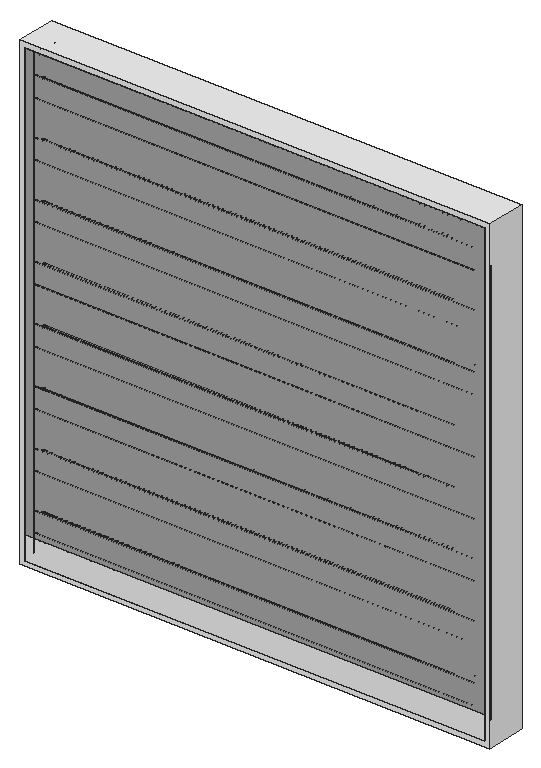
Revit family
Parameters (values of type "Louver_Drnable-Hd_EFJ-437-HP_All-Lite")
  URL = "http://www.alllite-louvers.com"
  Specifications = "http://www.alllite-louvers.com/catalog/AEFJ-437-HP-csi-specification.doc"
  Spacing = 0.5 ft
  SmartBIM Object Version = 3  # constant formula
  SmartBIM Object Created By = "Reed Construction Data"  # constant formula
  Shim Thickness = 0.042 ft
  Screen Width = Width - (2 * Shim Thickness)  # 3.916 ft
  Screen Height = Height - (2 * Shim Thickness) - 0.198333 ft  # 3.717667 ft
  Screen = Aluminum
  Rough Width = 0.0 ft
  Rough Height = 0.0 ft
  Product URL = "http://www.alllite-louvers.com/catalog.php?model=EFJ-437-HP"
  Pressure Loss (in.wg.) = "0.14"  # constant formula
  OmniClass Title = "Exterior Louvers and Grilles"  # constant formula
  OmniClass Code = "23-60 11 17"  # constant formula
  Model Number = "EFJ-437-HP"  # constant formula
  Minimum Size = "4.5\" x 7\""
  Maximum Size - Single Section = "60\" x 120\" or 120\" x 60\""
  Maximum Size - Multiple Section = "Unlimited"
  Louver Height = Height - (2 * Shim Thickness) - 0.145833 ft  # 3.770167 ft
  Manufacturer = "All-Lite"  # constant formula
  Louver Width = Width - (2 * Shim Thickness) - 2 * 0.072917 ft  # 3.770167 ft
  Louver = Mill finish, 6063-T5 Extruded Aluminum
  Installation = "http://www.alllite-louvers.com/catalog/Installation.pdf"
  Height = 4.0 ft
  Free Area for 48”x48” Louver = "56.3%"
  Free Area Velocity (fpm) = "912"  # constant formula
  Free Area (ft²) for 48"x48" Louver = 9.0 ft
  Frame = Mill finish, 6063-T5 Extruded Aluminum
  Default Sill Height = 3.0 ft
  Wall Closure = (empty or 0)
  Width = 4.0 ft
  Cut Sheet = "http://www.alllite-louvers.com/catalog/AEFJ437HP.pdf"
  Assembly Code = "B2010300"
  Air Volume Delivered (cfm) = "8,220"  # constant formula
  95 CSI = "10200 "  # constant formula
  04 CSI = "08 91 00"  # constant formula
  # of Louvers = (Height - 0.25 ft) / (Spacing)  # 8
Reference planes (ft)
  plane 1 "Center (Front/Back)": y = 0
  plane 2: z = 0.291667
  plane 3 "Center (Left/Right)": x = 0
  plane 4 "Left": x = -2
  plane 5 "Right": x = 2
  plane 6 "Sill": z = 3.291667
  plane 7 "Top": z = 7.291667
  plane 8: x = -1.958
  plane 9: x = 1.958
  plane 10: z = 7.249667
  plane 11: z = 3.333667
  plane 12: z = 5.291667
  plane 13: z = 3.417
  plane 14: z = 3.458667
  plane 15: z = 7.166333
  plane 16: z = 7.124667
  plane 17: z = 7.062167
Forms (ft)
  Sweep 1, solid, material "Mill finish, 6063-T5 Extruded Aluminum" <- "Frame"
    path origin (-5, 0.333333, 0) x (-1, 0, 0) y (0, 0, 1)
      loop
        line (-3.114917, 7.249667) -> (-6.885083, 7.249667)
    profile "Head Horizontal Mullion : Head Horizontal Mullion" origin (0, 0.333333, 7.249667) x (0, 0, -1) y (0, 1, 0)
      loop
        line (0.083333, -0.00675) -> (0, -0.00675) -> (0, -0.333333) -> (0.0625, -0.333333) -> (0.0625, -0.325833) -> (0.00675, -0.325833) -> (0.00675, -0.28805)
        arc (0.00675, -0.28805) -> (0.007739, -0.285664) -> (0.010125, -0.284675) r 0.003375
        line (0.010125, -0.284675) -> (0.023858, -0.284675)
        arc (0.023858, -0.284675) -> (0.025719, -0.285234) -> (0.026963, -0.286726) r 0.003375
        arc (0.026963, -0.286726) -> (0.037191, -0.294906) -> (0.049657, -0.29089) r 0.013833
        arc (0.049657, -0.29089) -> (0.05033, -0.287228) -> (0.047225, -0.285175) r 0.003375
        arc (0.047225, -0.285175) -> (0.045903, -0.285445) -> (0.044793, -0.28621) r 0.003375
        arc (0.044793, -0.28621) -> (0.032604, -0.2813) -> (0.044793, -0.27639) r 0.007083
        arc (0.044793, -0.27639) -> (0.045903, -0.277156) -> (0.047225, -0.277425) r 0.003375
        arc (0.047225, -0.277425) -> (0.05033, -0.275372) -> (0.049657, -0.27171) r 0.003375
        arc (0.049657, -0.27171) -> (0.037191, -0.267694) -> (0.026963, -0.275874) r 0.013833
        arc (0.026963, -0.275874) -> (0.025719, -0.277366) -> (0.023858, -0.277925) r 0.003375
        line (0.023858, -0.277925) -> (0.010125, -0.277925)
        arc (0.010125, -0.277925) -> (0.007739, -0.276937) -> (0.00675, -0.27455) r 0.003375
        line (0.00675, -0.27455) -> (0.00675, -0.09525) -> (0.032942, -0.09525)
        arc (0.032942, -0.09525) -> (0.035328, -0.096239) -> (0.036317, -0.098625) r 0.003375
        line (0.036317, -0.098625) -> (0.036317, -0.104254)
        arc (0.036317, -0.104254) -> (0.035758, -0.106115) -> (0.034266, -0.107359) r 0.003375
        arc (0.034266, -0.107359) -> (0.026085, -0.117587) -> (0.030102, -0.130053) r 0.013833
        arc (0.030102, -0.130053) -> (0.033763, -0.130726) -> (0.035817, -0.127621) r 0.003375
        arc (0.035817, -0.127621) -> (0.035547, -0.126299) -> (0.034781, -0.125188) r 0.003375
        arc (0.034781, -0.125188) -> (0.039692, -0.113) -> (0.044602, -0.125188) r 0.007083
        arc (0.044602, -0.125188) -> (0.043836, -0.126299) -> (0.043567, -0.127621) r 0.003375
        arc (0.043567, -0.127621) -> (0.04562, -0.130726) -> (0.049281, -0.130053) r 0.003375
        arc (0.049281, -0.130053) -> (0.053298, -0.117587) -> (0.045118, -0.107359) r 0.013833
        arc (0.045118, -0.107359) -> (0.043626, -0.106115) -> (0.043067, -0.104254) r 0.003375
        line (0.043067, -0.104254) -> (0.043067, -0.098625)
        arc (0.043067, -0.098625) -> (0.044055, -0.096239) -> (0.046442, -0.09525) r 0.003375
        line (0.046442, -0.09525) -> (0.06925, -0.09525) -> (0.06925, -0.0885) -> (0.076255, -0.0885)
        arc (0.076255, -0.0885) -> (0.078641, -0.089489) -> (0.07963, -0.091875) r 0.003375
        line (0.07963, -0.091875) -> (0.07963, -0.104254)
        arc (0.07963, -0.104254) -> (0.079071, -0.106115) -> (0.077579, -0.107359) r 0.003375
        arc (0.077579, -0.107359) -> (0.069399, -0.117587) -> (0.073415, -0.130053) r 0.013833
        arc (0.073415, -0.130053) -> (0.077077, -0.130726) -> (0.07913, -0.127621) r 0.003375
        arc (0.07913, -0.127621) -> (0.07886, -0.126299) -> (0.078094, -0.125188) r 0.003375
        arc (0.078094, -0.125188) -> (0.083005, -0.113) -> (0.087915, -0.125188) r 0.007083
        arc (0.087915, -0.125188) -> (0.087149, -0.126299) -> (0.08688, -0.127621) r 0.003375
        arc (0.08688, -0.127621) -> (0.088933, -0.130726) -> (0.092594, -0.130053) r 0.003375
        arc (0.092594, -0.130053) -> (0.096611, -0.117587) -> (0.088431, -0.107359) r 0.013833
        arc (0.088431, -0.107359) -> (0.086939, -0.106115) -> (0.08638, -0.104254) r 0.003375
        line (0.08638, -0.104254) -> (0.08638, -0.091875)
        arc (0.08638, -0.091875) -> (0.087368, -0.089489) -> (0.089755, -0.0885) r 0.003375
        line (0.089755, -0.0885) -> (0.197625, -0.0885) -> (0.197625, -0.00675) -> (0.114292, -0.00675) -> (0.114292, -0.0135) -> (0.190875, -0.0135) -> (0.190875, -0.08175) -> (0.027583, -0.08175) -> (0.027583, -0.075) -> (0.010125, -0.075)
        arc (0.010125, -0.075) -> (0.007739, -0.074011) -> (0.00675, -0.071625) r 0.003375
        line (0.00675, -0.071625) -> (0.00675, -0.0135) -> (0.080537, -0.0135) -> (0.137486, -0.070449) -> (0.142259, -0.065676) -> (0.083333, -0.00675)
  Sweep 2, solid, material "Mill finish, 6063-T5 Extruded Aluminum" <- "Frame"
    path origin (-5, 0.333333, 0) x (-1, 0, 0) y (0, 0, 1)
      loop
        line (-6.958, 3.333667) -> (-3.042, 3.333667)
    profile "Horizontal Mullion : Horizontal Mullion" origin (0, 0.333333, 3.333667) x (0, 0, 1) y (0, 1, 0)
      loop
        line (0.076583, -0.00675) -> (0.076583, -0.333333) -> (0.00675, -0.333333) -> (0.00675, -0.298417) -> (0, -0.298417) -> (0, -0.340083) -> (0.197917, -0.340083) -> (0.197917, -0.333333) -> (0.083333, -0.333333) -> (0.083333, 0) -> (0, 0) -> (0, -0.041667) -> (0.00675, -0.041667) -> (0.00675, -0.00675) -> (0.076583, -0.00675)
  Sweep 3, solid, material "Mill finish, 6063-T5 Extruded Aluminum" <- "Frame"
    path origin (-5, 0.333333, 0) x (-1, 0, 0) y (0, 0, 1)
      loop
        line (-6.958, 3.417) -> (-6.958, 7.249667)
    profile "Vertical Mullion : Vertical Mullion" origin (1.958, 0.333333, 5.333333) x (1, 0, 0) y (0, 1, 0)
      loop
        arc (-0.053884, -0.223561) -> (-0.066167, -0.21875) -> (-0.053884, -0.213939) r 0.007083
        arc (-0.053884, -0.213939) -> (-0.049763, -0.214099) -> (-0.049603, -0.209977) r 0.002917
        arc (-0.049603, -0.209977) -> (-0.05391, -0.206915) -> (-0.059083, -0.205833) r 0.012917
        arc (-0.059083, -0.205833) -> (-0.061499, -0.204833) -> (-0.0625, -0.202417) r 0.003417
        line (-0.0625, -0.202417) -> (-0.0625, -0.092167) -> (-0.04766, -0.092167)
        arc (-0.04766, -0.092167) -> (-0.044541, -0.090145) -> (-0.045113, -0.086472) r 0.003417
        arc (-0.045113, -0.086472) -> (-0.039833, -0.074667) -> (-0.034554, -0.086472) r 0.007083
        arc (-0.034554, -0.086472) -> (-0.035126, -0.090145) -> (-0.032007, -0.092167) r 0.003417
        line (-0.032007, -0.092167) -> (0, -0.092167) -> (0, 0) -> (-0.083333, 0) -> (-0.083333, -0.00675) -> (-0.072917, -0.00675) -> (-0.072917, -0.022375) -> (-0.066167, -0.022375) -> (-0.066167, -0.010417) -> (-0.010417, -0.010417) -> (-0.010417, -0.08175) -> (-0.022628, -0.08175)
        arc (-0.022628, -0.08175) -> (-0.02563, -0.080749) -> (-0.02743, -0.078145) r 0.005
        arc (-0.02743, -0.078145) -> (-0.039833, -0.068833) -> (-0.052237, -0.078145) r 0.012917
        arc (-0.052237, -0.078145) -> (-0.054036, -0.080749) -> (-0.057038, -0.08175) r 0.005
        line (-0.057038, -0.08175) -> (-0.072917, -0.08175) -> (-0.072917, -0.333333) -> (0, -0.333333) -> (0, -0.30575) -> (-0.010417, -0.30575) -> (-0.010417, -0.322917) -> (-0.0625, -0.322917) -> (-0.0625, -0.235083)
        arc (-0.0625, -0.235083) -> (-0.061499, -0.232667) -> (-0.059083, -0.231667) r 0.003417
        arc (-0.059083, -0.231667) -> (-0.05391, -0.230585) -> (-0.049603, -0.227523) r 0.012917
        arc (-0.049603, -0.227523) -> (-0.049763, -0.223401) -> (-0.053884, -0.223561) r 0.002917
  Sweep 4, solid, material "Mill finish, 6063-T5 Extruded Aluminum" <- "Frame"
    path origin (5, 0.333333, 0) x (1, 0, 0) y (0, 0, -1)
      loop
        line (-6.958, -3.417) -> (-6.958, -7.249667)
    profile "Vertical Mullion : Vertical Mullion" origin (-1.958, 0.333333, 5.333333) x (1, 0, 0) y (0, 1, 0)
      loop
        arc (0.053884, -0.223561) -> (0.049763, -0.223401) -> (0.049603, -0.227523) r 0.002917
        arc (0.049603, -0.227523) -> (0.05391, -0.230585) -> (0.059083, -0.231667) r 0.012917
        arc (0.059083, -0.231667) -> (0.061499, -0.232667) -> (0.0625, -0.235083) r 0.003417
        line (0.0625, -0.235083) -> (0.0625, -0.322917) -> (0.010417, -0.322917) -> (0.010417, -0.30575) -> (0, -0.30575) -> (0, -0.333333) -> (0.072917, -0.333333) -> (0.072917, -0.08175) -> (0.057038, -0.08175)
        arc (0.057038, -0.08175) -> (0.054036, -0.080749) -> (0.052237, -0.078145) r 0.005
        arc (0.052237, -0.078145) -> (0.039833, -0.068833) -> (0.02743, -0.078145) r 0.012917
        arc (0.02743, -0.078145) -> (0.02563, -0.080749) -> (0.022628, -0.08175) r 0.005
        line (0.022628, -0.08175) -> (0.010417, -0.08175) -> (0.010417, -0.010417) -> (0.066167, -0.010417) -> (0.066167, -0.022375) -> (0.072917, -0.022375) -> (0.072917, -0.00675) -> (0.083333, -0.00675) -> (0.083333, 0) -> (0, 0) -> (0, -0.092167) -> (0.032007, -0.092167)
        arc (0.032007, -0.092167) -> (0.035126, -0.090145) -> (0.034554, -0.086472) r 0.003417
        arc (0.034554, -0.086472) -> (0.039833, -0.074667) -> (0.045113, -0.086472) r 0.007083
        arc (0.045113, -0.086472) -> (0.044541, -0.090145) -> (0.04766, -0.092167) r 0.003417
        line (0.04766, -0.092167) -> (0.0625, -0.092167) -> (0.0625, -0.202417)
        arc (0.0625, -0.202417) -> (0.061499, -0.204833) -> (0.059083, -0.205833) r 0.003417
        arc (0.059083, -0.205833) -> (0.05391, -0.206915) -> (0.049603, -0.209977) r 0.012917
        arc (0.049603, -0.209977) -> (0.049763, -0.214099) -> (0.053884, -0.213939) r 0.002917
        arc (0.053884, -0.213939) -> (0.066167, -0.21875) -> (0.053884, -0.223561) r 0.007083
  Sweep 5, solid, material "Mill finish, 6063-T5 Extruded Aluminum" <- "Frame"
    path origin (-5, 0.333333, 0) x (-1, 0, 0) y (0, 0, 1)
      loop
        line (-3, 7.291667) -> (-7, 7.291667) -> (-7, 3.291667) -> (-3, 3.291667) -> (-3, 7.291667)
    profile origin (-2, 0.333333, 5.291667) x (0, 1, 0) y (-1, 0, 0)
      loop
        line (0, 0) -> (-0.340083, 0) -> (-0.340083, -0.042) -> (0, -0.042) -> (0, 0)
  Extrusion 6, solid, material "Aluminum" <- "Screen"
    sketch origin (1.458333, 0, 3.416667) x (0, 0, 1) y (-1, 0, 0)
      loop
        line (0.114917, -0.499667) -> (3.833, -0.499667) -> (3.833, 3.416333) -> (0.114917, 3.416333) -> (0.114917, -0.499667)
    from 0 to 0.00675
Cuts and joins
  joined: Sweep 3, Sweep 4
Lines and regions (ft)
  Opening 1
    outline origin (-5, -0.333333, 0) x (1, 0, 0) y (0, 0, 1)
      loop
        line (3, 7.291667) -> (3, 3.291667) -> (7, 3.291667) -> (7, 7.291667) -> (3, 7.291667)
  Masking region 1, detail levels coarse+medium
    outline origin (0, 0, 0) x (1, 0, 0) y (0, 1, 0)
      loop
        line (-2, -0.00675) -> (-1.885083, -0.00675) -> (-1.885083, 0.333333) -> (-2, 0.333333) -> (-2, -0.00675)
      loop
        line (2, -0.00675) -> (2, 0.333333) -> (1.885083, 0.333333) -> (1.885083, -0.00675) -> (2, -0.00675)
  Masking region 2, detail levels fine
    outline origin (0, 0, 0) x (1, 0, 0) y (0, 1, 0)
      loop
        arc (-1.912887, 0.246861) -> (-1.913459, 0.243188) -> (-1.91034, 0.241167) r 0.003417
        line (-1.91034, 0.241167) -> (-1.8955, 0.241167) -> (-1.8955, 0.130917)
        arc (-1.8955, 0.130917) -> (-1.896501, 0.128501) -> (-1.898917, 0.1275) r 0.003417
        arc (-1.898917, 0.1275) -> (-1.90409, 0.126419) -> (-1.908397, 0.123356) r 0.012917
        arc (-1.908397, 0.123356) -> (-1.908237, 0.119234) -> (-1.904116, 0.119394) r 0.002917
        arc (-1.904116, 0.119394) -> (-1.891833, 0.114583) -> (-1.904116, 0.109773) r 0.007083
        arc (-1.904116, 0.109773) -> (-1.908237, 0.109932) -> (-1.908397, 0.105811) r 0.002917
        arc (-1.908397, 0.105811) -> (-1.90409, 0.102748) -> (-1.898917, 0.101667) r 0.012917
        arc (-1.898917, 0.101667) -> (-1.896501, 0.100666) -> (-1.8955, 0.09825) r 0.003417
        line (-1.8955, 0.09825) -> (-1.8955, 0.010417) -> (-1.947583, 0.010417) -> (-1.947583, 0.027583) -> (-1.958, 0.027583) -> (-1.958, 0) -> (-1.885083, 0) -> (-1.885083, 0.251583) -> (-1.900962, 0.251583)
        arc (-1.900962, 0.251583) -> (-1.903964, 0.252585) -> (-1.905763, 0.255188) r 0.005
        arc (-1.905763, 0.255188) -> (-1.918167, 0.2645) -> (-1.93057, 0.255188) r 0.012917
        arc (-1.93057, 0.255188) -> (-1.93237, 0.252585) -> (-1.935372, 0.251583) r 0.005
        line (-1.935372, 0.251583) -> (-1.947583, 0.251583) -> (-1.947583, 0.322917) -> (-1.891833, 0.322917) -> (-1.891833, 0.310958) -> (-1.885083, 0.310958) -> (-1.885083, 0.326583) -> (-1.874667, 0.326583) -> (-1.874667, 0.333333) -> (-1.958, 0.333333) -> (-1.958, 0.241167) -> (-1.925993, 0.241167)
        arc (-1.925993, 0.241167) -> (-1.922874, 0.243188) -> (-1.923446, 0.246861) r 0.003417
        arc (-1.923446, 0.246861) -> (-1.918167, 0.258667) -> (-1.912887, 0.246861) r 0.007083
      loop
        line (1.958, 0.333333) -> (1.874667, 0.333333) -> (1.874667, 0.326583) -> (1.885083, 0.326583) -> (1.885083, 0.310958) -> (1.891833, 0.310958) -> (1.891833, 0.322917) -> (1.947583, 0.322917) -> (1.947583, 0.251583) -> (1.935372, 0.251583)
        arc (1.935372, 0.251583) -> (1.93237, 0.252585) -> (1.93057, 0.255188) r 0.005
        arc (1.93057, 0.255188) -> (1.918167, 0.2645) -> (1.905763, 0.255188) r 0.012917
        arc (1.905763, 0.255188) -> (1.903964, 0.252585) -> (1.900962, 0.251583) r 0.005
        line (1.900962, 0.251583) -> (1.885083, 0.251583) -> (1.885083, 0) -> (1.958, 0) -> (1.958, 0.027583) -> (1.947583, 0.027583) -> (1.947583, 0.010417) -> (1.8955, 0.010417) -> (1.8955, 0.09825)
        arc (1.8955, 0.09825) -> (1.896501, 0.100666) -> (1.898917, 0.101667) r 0.003417
        arc (1.898917, 0.101667) -> (1.90409, 0.102748) -> (1.908397, 0.105811) r 0.012917
        arc (1.908397, 0.105811) -> (1.908237, 0.109932) -> (1.904116, 0.109773) r 0.002917
        arc (1.904116, 0.109773) -> (1.891833, 0.114583) -> (1.904116, 0.119394) r 0.007083
        arc (1.904116, 0.119394) -> (1.908237, 0.119234) -> (1.908397, 0.123356) r 0.002917
        arc (1.908397, 0.123356) -> (1.90409, 0.126419) -> (1.898917, 0.1275) r 0.012917
        arc (1.898917, 0.1275) -> (1.896501, 0.128501) -> (1.8955, 0.130917) r 0.003417
        line (1.8955, 0.130917) -> (1.8955, 0.241167) -> (1.91034, 0.241167)
        arc (1.91034, 0.241167) -> (1.913459, 0.243188) -> (1.912887, 0.246861) r 0.003417
        arc (1.912887, 0.246861) -> (1.918167, 0.258667) -> (1.923446, 0.246861) r 0.007083
        arc (1.923446, 0.246861) -> (1.922874, 0.243188) -> (1.925993, 0.241167) r 0.003417
        line (1.925993, 0.241167) -> (1.958, 0.241167) -> (1.958, 0.333333)
Text (ft)
  text "EXTERIOR" at (-4.890733, 4.242245, 0), in view "Ref. Level"
  text "INTERIOR" at (-4.890733, -3.147199, 0), in view "Ref. Level"
  text "Exterior" at (0, 3.638026, 10.266337), in view "Left"
  text "Exterior" at (0, 1.524487, 10.420622), in view "Right"
Dimensions and locks (ft)
  equal spacing: plane 4 "Left", plane 3 "Center (Left/Right)", plane 5 "Right"
  "Width": plane 4 "Left" to plane 5 "Right"
  "Height": plane 6 "Sill" to plane 7 "Top"
  "Default Sill Height": plane 2 to plane 6 "Sill"
  "Shim Thickness": plane 4 "Left" to plane 8
  "Shim Thickness": plane 9 to plane 5 "Right"
  "Shim Thickness": plane 10 to plane 7 "Top"
  "Shim Thickness": plane 6 "Sill" to plane 11
  equal spacing: plane 11, plane 12, plane 10
  locked: plane 13 to plane 11 at 0.083333
  locked: plane 14 to plane 13 at 0.041667
  locked: plane 10 to plane 15 at 0.083333
  locked: plane 15 to plane 16 at 0.041667
  locked: plane 10 to plane 17 at 0.1875
  equal spacing: group 1, group 3, group 4, group 5, group 6, group 7, group 8, group 2  (x3)
  aligned and locked: plane 7 "Top" to Opening 1 sketch curve
  aligned and locked: plane 6 "Sill" to Opening 1 sketch curve  (x2)
  aligned and locked: plane 5 "Right" to Opening 1 sketch curve
  aligned and locked: plane 4 "Left" to Opening 1 sketch curve
  aligned and locked: plane 10 to Sweep 1 sketch curve
  aligned and locked: Sweep 2 sketch curve to plane 11
  aligned and locked: plane 8 to Sweep 2 sketch curve
  aligned and locked: plane 9 to Sweep 3 sketch curve
  aligned and locked: Sweep 4 sketch curve to plane 8
  aligned and locked: Sweep 5 sketch curve to plane 4 "Left"
  aligned and locked: Sweep 5 sketch curve to plane 7 "Top"
  aligned and locked: Sweep 5 sketch curve to plane 6 "Sill"
  aligned and locked: Sweep 5 sketch curve to plane 5 "Right"
  aligned and locked: Sweep 5 sketch curve to host wall  (x2)
  aligned and locked: plane 8 to Sweep 5 sketch curve
  aligned and locked: plane 3 "Center (Left/Right)" to nested 1
  aligned and locked: plane 10 to Sweep 4 sketch curve
  aligned and locked: profile plane to host wall
  aligned and locked: Sweep 4 sketch curve to Sweep 2
  aligned and locked: Sweep 5 sketch curve to Sweep 2
  aligned and locked: plane 3 "Center (Left/Right)" to nested 2
  aligned and locked: Sweep 2 to Extrusion 6 sketch curve
  aligned and locked: Extrusion 6 sketch curve to Sweep 1
  aligned and locked: Extrusion 6 to Sweep 2
  aligned and locked: Sweep 5 to Extrusion 6
  aligned and locked: nested 2 to plane 16
  aligned and locked: nested 1 to cut or joined group of Sweep 3, Sweep 4
  aligned and locked: nested 2 to cut or joined group of Sweep 3, Sweep 4
  aligned and locked: plane 14 to nested 1
  aligned and locked: Extrusion 6 sketch curve to Sweep 5  (x2)
  aligned and locked: cut or joined group of Sweep 3, Sweep 4 to Sweep 1 sketch curve
  aligned and locked: Sweep 1 sketch curve to cut or joined group of Sweep 3, Sweep 4
  aligned and locked: Masking region 1 sketch curve to plane 4 "Left"
  aligned and locked: Sweep 2 to Masking region 1 sketch curve
  aligned and locked: Masking region 1 sketch curve to nested 3  (x2)
  aligned and locked: Masking region 1 sketch curve to Sweep 5
  aligned and locked: Masking region 1 sketch curve to plane 5 "Right"
  aligned and locked: Extrusion 6 to Masking region 1 sketch curve
  aligned and locked: Masking region 1 sketch curve to Sweep 2
  aligned and locked: Masking region 2 sketch curve to cut or joined group of Sweep 3, Sweep 4  (x47)
  aligned and locked: Masking region 2 sketch curve to plane 8
  aligned and locked: Sweep 2 to Masking region 2 sketch curve
  aligned and locked: nested 1 to Masking region 2 sketch curve  (x2)
  aligned and locked: Masking region 2 sketch curve to nested 3  (x3)
  aligned and locked: Extrusion 6 to Masking region 2 sketch curve
  aligned and locked: Sweep 5 to Masking region 2 sketch curve
  aligned and locked: plane 9 to Masking region 2 sketch curve  (x2)
  aligned and locked: nested 3 to Masking region 2 sketch curve
  aligned and locked: host wall to Masking region 2 sketch curve  (x2)
Automatic sketch dimensions
  Sweep 2 sketch curve to plane 9 = 0.0 ft
  Sweep 3 sketch curve to plane 13 = 0.0 ft
  Sweep 3 sketch curve to plane 10 = 0.0 ft
  plane 9 to Masking region 2 sketch curve = 0.010417 ft
Nested families (ft)
  nested 1: "Louver Single" at (0, 0.249604, 3.458667), type "Louver"
  nested 2: "Louver Single" at (0, 0.249604, 6.780832), type "Louver"
  nested 3: "Louver Single" at (0, 0.249604, 3.933262), type "Louver"
  nested 4: "Louver Single" at (0, 0.249604, 4.407857), type "Louver"
  nested 5: "Louver Single" at (0, 0.249604, 4.882452), type "Louver"
  nested 6: "Louver Single" at (0, 0.249604, 5.357047), type "Louver"
  nested 7: "Louver Single" at (0, 0.249604, 5.831642), type "Louver"
  nested 8: "Louver Single" at (0, 0.249604, 6.306237), type "Louver"
Connectors (ft)
  hvac at (0, -0.00675, 5.390625), driven by "Screen Height", driven by "Screen Width"
    settings: on Extrusion 6, index 1
Definition of nested family "Louver Single"
  Parameters (values of type "Louver")
    Louver Length = 3.770833 ft
    Depth = 0.156576 ft
    Louver Single = yes
    Louver = All-Lite - El Cajon Silver
    Assembly Code = ""
  Reference planes (ft)
    plane 1 "Center (Front/Back)": y = -0.085938
    plane 2: z = 0
    plane 3 "Center (Left/Right)": x = 0
    plane 4: x = -1.885417
    plane 5: x = 1.885417
    plane 6: y = 0.076979
    plane 7: z = 0.343835
    plane 8: y = -0.248854
  Forms (ft)
    Extrusion 1, solid, material "All-Lite - El Cajon Silver" <- "Louver"
      sketch origin (0, 0.000895, 0) x (0, 1, 0) y (0, 0, 1)
        loop
          arc (0.069335, 0.007406) -> (0.070029, 0.000438) -> (0.076085, 0.003954) r 0.004164
          line (0.076085, 0.003954) -> (0.076085, 0.059505)
          arc (0.076085, 0.059505) -> (0.075428, 0.062293) -> (0.073596, 0.064496) r 0.00625
          line (0.073596, 0.064496) -> (-0.156583, 0.237948)
          arc (-0.156583, 0.237948) -> (-0.159714, 0.240092) -> (-0.163028, 0.241941) r 0.041667
          line (-0.163028, 0.241941) -> (-0.241271, 0.281055)
          arc (-0.241271, 0.281055) -> (-0.242532, 0.282207) -> (-0.242999, 0.28385) r 0.003125
          line (-0.242999, 0.28385) -> (-0.242999, 0.340469)
          arc (-0.242999, 0.340469) -> (-0.246374, 0.343844) -> (-0.249749, 0.340469) r 0.003375
          line (-0.249749, 0.340469) -> (-0.249749, 0.281609)
          arc (-0.249749, 0.281609) -> (-0.248815, 0.278323) -> (-0.246293, 0.276019) r 0.00625
          line (-0.246293, 0.276019) -> (-0.178591, 0.242175)
          arc (-0.178591, 0.242175) -> (-0.176703, 0.239185) -> (-0.178474, 0.236124) r 0.003417
          arc (-0.178474, 0.236124) -> (-0.184326, 0.229879) -> (-0.185366, 0.221383) r 0.013792
          arc (-0.185366, 0.221383) -> (-0.183451, 0.218961) -> (-0.180366, 0.21911) r 0.003375
          arc (-0.180366, 0.21911) -> (-0.178982, 0.220636) -> (-0.178742, 0.222682) r 0.003375
          arc (-0.178742, 0.222682) -> (-0.168311, 0.230136) -> (-0.169551, 0.217376) r 0.007042
          arc (-0.169551, 0.217376) -> (-0.171203, 0.216145) -> (-0.171832, 0.214183) r 0.003375
          arc (-0.171832, 0.214183) -> (-0.170419, 0.211437) -> (-0.167364, 0.21099) r 0.003375
          arc (-0.167364, 0.21099) -> (-0.16066, 0.21595) -> (-0.158041, 0.223868) r 0.013792
          arc (-0.158041, 0.223868) -> (-0.156154, 0.226856) -> (-0.152636, 0.226522) r 0.003375
          line (-0.152636, 0.226522) -> (-0.00049, 0.111872)
          arc (-0.00049, 0.111872) -> (0.00084, 0.10888) -> (-0.000993, 0.106168) r 0.003375
          arc (-0.000993, 0.106168) -> (-0.007145, 0.099915) -> (-0.008283, 0.091217) r 0.013792
          arc (-0.008283, 0.091217) -> (-0.006368, 0.088794) -> (-0.003283, 0.088943) r 0.003375
          arc (-0.003283, 0.088943) -> (-0.001898, 0.090469) -> (-0.001659, 0.092516) r 0.003375
          arc (-0.001659, 0.092516) -> (0.008772, 0.099969) -> (0.007533, 0.087209) r 0.007042
          arc (0.007533, 0.087209) -> (0.00588, 0.085978) -> (0.005251, 0.084016) r 0.003375
          arc (0.005251, 0.084016) -> (0.006664, 0.08127) -> (0.00972, 0.080823) r 0.003375
          arc (0.00972, 0.080823) -> (0.015659, 0.084821) -> (0.018793, 0.091257) r 0.013792
          arc (0.018793, 0.091257) -> (0.020895, 0.093768) -> (0.024138, 0.093313) r 0.003375
          line (0.024138, 0.093313) -> (0.06809, 0.060193)
          arc (0.06809, 0.060193) -> (0.069006, 0.059092) -> (0.069335, 0.057697) r 0.003125
          line (0.069335, 0.057697) -> (0.069335, 0.007406)
      from -1.885417 to 1.885417
    Extrusion 2, solid, material "All-Lite - El Cajon Silver" <- "Louver"
      sketch origin (-1.885417, 0.000895, 0) x (0, -1, 0) y (0, 0, 1)
        loop
          line (0.249749, 0.110426) -> (0.249749, 0.179412)
          arc (0.249749, 0.179412) -> (0.244957, 0.184204) -> (0.240165, 0.179412) r 0.004792
          line (0.240165, 0.179412) -> (0.240165, 0.115513)
          arc (0.240165, 0.115513) -> (0.239433, 0.11358) -> (0.237604, 0.112618) r 0.002917
          line (0.237604, 0.112618) -> (0.07425, 0.092561)
          arc (0.07425, 0.092561) -> (0.071348, 0.094828) -> (0.069081, 0.091926) r 0.002604
          line (0.069081, 0.091926) -> (0.006305, 0.084218)
          arc (0.006305, 0.084218) -> (0.004648, 0.084503) -> (0.003423, 0.085655) r 0.002917
          line (0.003423, 0.085655) -> (0.000417, 0.090863)
          arc (0.000417, 0.090863) -> (-0.00849, 0.09941) -> (-0.005411, 0.087456) r 0.006417
          line (-0.005411, 0.087456) -> (0.000082, 0.077942)
          arc (0.000082, 0.077942) -> (0.002916, 0.075276) -> (0.00675, 0.074618) r 0.00675
          line (0.00675, 0.074618) -> (0.243821, 0.103726)
          arc (0.243821, 0.103726) -> (0.248054, 0.105953) -> (0.249749, 0.110426) r 0.00675
      from -3.770833 to 0
  Dimensions and locks (ft)
    equal spacing: plane 4, plane 3 "Center (Left/Right)", plane 5
    "Louver Length": plane 4 to plane 5
    aligned and locked: Extrusion 1 to plane 4
    aligned and locked: plane 5 to Extrusion 1
    aligned and locked: plane 5 to Extrusion 2
    aligned and locked: Extrusion 2 to plane 4
  Automatic sketch dimensions
    Extrusion 1 sketch curve to Extrusion 1 sketch curve = 0.0 ft  (x26)
    Extrusion 1 sketch curve to plane 6 = 0.002489 ft
    Extrusion 1 sketch curve to plane 6 = 0.00416 ft
    Extrusion 1 sketch curve to Extrusion 1 sketch curve = 0.003761 ft
    Extrusion 1 sketch curve to Extrusion 1 sketch curve = 0.00259 ft
    Extrusion 1 sketch curve to Extrusion 1 sketch curve = 0.001744 ft
    Extrusion 1 sketch curve to Extrusion 1 sketch curve = 0.003125 ft  (x2)
    Extrusion 1 sketch curve to plane 6 = 0.051947 ft
    Extrusion 1 sketch curve to Extrusion 1 sketch curve = 0.002031 ft  (x2)
    Extrusion 1 sketch curve to Extrusion 1 sketch curve = 0.003314 ft
    Extrusion 1 sketch curve to Extrusion 1 sketch curve = 0.009073 ft
    Extrusion 1 sketch curve to Extrusion 1 sketch curve = 0.001093 ft
    Extrusion 1 sketch curve to Extrusion 1 sketch curve = 0.002282 ft
    Extrusion 1 sketch curve to Extrusion 1 sketch curve = 0.003375 ft  (x3)
    Extrusion 1 sketch curve to Extrusion 1 sketch curve = 0.005742 ft
    Extrusion 1 sketch curve to Extrusion 1 sketch curve = 0.000503 ft
    Extrusion 1 sketch curve to Extrusion 1 sketch curve = 0.00691 ft  (x2)
    Extrusion 1 sketch curve to Extrusion 1 sketch curve = 0.001528 ft
    Extrusion 1 sketch curve to Extrusion 1 sketch curve = 0.001624 ft  (x2)
    Extrusion 1 sketch curve to Extrusion 1 sketch curve = 0.003312 ft
    plane 1 "Center (Front/Back)" to Extrusion 1 sketch curve = 0.065804 ft
    Extrusion 1 sketch curve to Extrusion 1 sketch curve = 0.003948 ft
    plane 1 "Center (Front/Back)" to Extrusion 1 sketch curve = 0.076196 ft
    plane 1 "Center (Front/Back)" to Extrusion 1 sketch curve = 0.080532 ft
    plane 1 "Center (Front/Back)" to Extrusion 1 sketch curve = 0.081625 ft
    plane 1 "Center (Front/Back)" to Extrusion 1 sketch curve = 0.085 ft  (x2)
    plane 1 "Center (Front/Back)" to Extrusion 1 sketch curve = 0.091642 ft
    Extrusion 1 sketch curve to Extrusion 1 sketch curve = 0.000118 ft
    Extrusion 1 sketch curve to Extrusion 1 sketch curve = 0.001645 ft
    plane 1 "Center (Front/Back)" to Extrusion 1 sketch curve = 0.094827 ft
    Extrusion 1 sketch curve to Extrusion 1 sketch curve = 0.001687 ft
    plane 1 "Center (Front/Back)" to Extrusion 1 sketch curve = 0.153042 ft
    Extrusion 1 sketch curve to Extrusion 1 sketch curve = 0.001397 ft
    Extrusion 1 sketch curve to Extrusion 1 sketch curve = 0.002228 ft
    Extrusion 1 sketch curve to Extrusion 1 sketch curve = 0.002795 ft
    level to Extrusion 1 sketch curve = 0.003954 ft
    level to Extrusion 1 sketch curve = 0.004146 ft
    Extrusion 1 sketch curve to Extrusion 1 sketch curve = 0.050291 ft
    Extrusion 1 sketch curve to Extrusion 1 sketch curve = 0.000688 ft
    Extrusion 1 sketch curve to Extrusion 1 sketch curve = 0.023126 ft
    Extrusion 1 sketch curve to Extrusion 1 sketch curve = 0.033276 ft
    Extrusion 1 sketch curve to Extrusion 1 sketch curve = 0.006318 ft
    Extrusion 1 sketch curve to Extrusion 1 sketch curve = 0.033844 ft
    Extrusion 1 sketch curve to Extrusion 1 sketch curve = 0.000555 ft
    Extrusion 1 sketch curve to Extrusion 1 sketch curve = 0.056619 ft
    Extrusion 1 sketch curve to plane 6 = 0.0 ft
    Extrusion 1 sketch curve to Extrusion 1 sketch curve = 0.095495 ft
    Extrusion 2 sketch curve to Extrusion 1 = 0.0 ft  (x2)
    Extrusion 2 sketch curve to Extrusion 2 sketch curve = 0.000159 ft
    Extrusion 2 sketch curve to Extrusion 2 sketch curve = 0.005493 ft
    Extrusion 2 sketch curve to Extrusion 2 sketch curve = 0.005668 ft
    Extrusion 2 sketch curve to Extrusion 2 sketch curve = 0.003007 ft
    Extrusion 2 sketch curve to Extrusion 2 sketch curve = 0.002504 ft
    Extrusion 2 sketch curve to Extrusion 2 sketch curve = 0.002526 ft
    Extrusion 2 sketch curve to Extrusion 2 sketch curve = 0.000355 ft  (x2)
    Extrusion 2 sketch curve to Extrusion 2 sketch curve = 0.000823 ft
    Extrusion 2 sketch curve to Extrusion 2 sketch curve = 0.062776 ft
    Extrusion 2 sketch curve to Extrusion 2 sketch curve = 0.002585 ft  (x2)
    Extrusion 1 to Extrusion 2 sketch curve = 0.00575 ft
    Extrusion 1 to Extrusion 2 sketch curve = 0.002833 ft
    Extrusion 2 sketch curve to Extrusion 1 = 0.000823 ft
    Extrusion 2 sketch curve to Extrusion 2 sketch curve = 0.00375 ft
    Extrusion 2 sketch curve to Extrusion 2 sketch curve = 0.001458 ft
    Extrusion 2 sketch curve to Extrusion 2 sketch curve = 0.002901 ft
    Extrusion 2 sketch curve to Extrusion 2 sketch curve = 0.003375 ft
    Extrusion 2 sketch curve to Extrusion 2 sketch curve = 0.007708 ft
    Extrusion 2 sketch curve to Extrusion 2 sketch curve = 0.000317 ft
    Extrusion 2 sketch curve to Extrusion 2 sketch curve = 0.011165 ft
    Extrusion 2 sketch curve to Extrusion 2 sketch curve = 0.002192 ft
    Extrusion 2 sketch curve to Extrusion 2 sketch curve = 0.063899 ft
    radius of Extrusion 2 sketch curve to Extrusion 1 = 0.000625 ft
